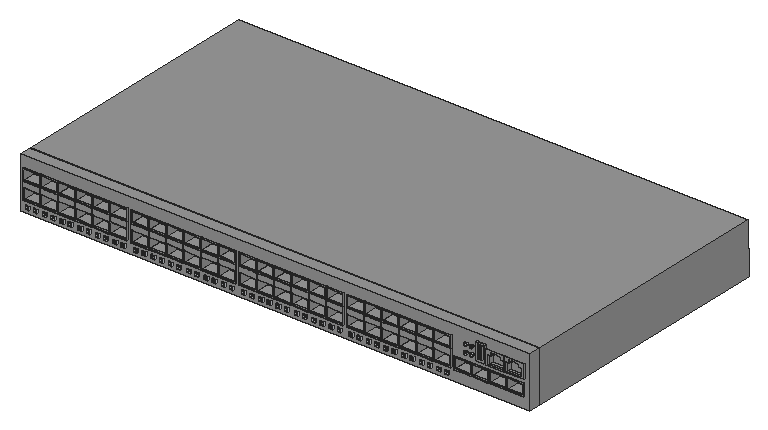
Revit family "19 Inch Switch MS400991M", category Datengeräte, Revit 2023 (continued)
Forms (mm)
  Extrusion 161, void
    from 140.025 to 160.434
  Extrusion 162, solid
    sketch origin (0, 265.556, -232.367) x (1, 0, 0) y (0, 0, 1)
      loop
        circle (177.189, 258.54) r 1.399
      loop
        circle (177.189, 258.54) r 0.999
    from 147.46 to 151.896
  Extrusion 163, solid
    sketch origin (0, 265.556, -225.853) x (1, 0, 0) y (0, 0, 1)
      loop
        circle (177.189, 258.54) r 1.399
      loop
        circle (177.189, 258.54) r 0.999
    from 147.46 to 151.896
  Extrusion 164, solid
    sketch origin (-5, 265.556, -232.367) x (1, 0, 0) y (0, 0, 1)
      loop
        circle (177.189, 258.54) r 1.399
      loop
        circle (177.189, 258.54) r 0.999
    from 147.46 to 151.896
  Extrusion 165, solid
    sketch origin (-5, 265.556, -225.853) x (1, 0, 0) y (0, 0, 1)
      loop
        circle (177.189, 258.54) r 1.399
      loop
        circle (177.189, 258.54) r 0.999
    from 147.46 to 151.896
Cuts and joins
  Extrusion 4, Extrusion 7, Extrusion 9, Extrusion 11, Extrusion 15, Extrusion 17, Extrusion 19, Extrusion 21, Extrusion 23, Extrusion 25, Extrusion 27, Extrusion 29, Extrusion 31, Extrusion 33, Extrusion 35, Extrusion 47, Extrusion 49, Extrusion 53, Extrusion 55, Extrusion 57, Extrusion 59, Extrusion 61, Extrusion 63, Extrusion 65, Extrusion 67, Extrusion 69, Extrusion 71, Extrusion 83, Extrusion 85, Extrusion 89, Extrusion 91, Extrusion 93, Extrusion 95, Extrusion 97, Extrusion 99, Extrusion 101, Extrusion 103, Extrusion 105, Extrusion 107, Extrusion 119, Extrusion 121, Extrusion 125, Extrusion 127, Extrusion 129, Extrusion 131, Extrusion 133, Extrusion 135, Extrusion 137, Extrusion 139, Extrusion 141, Extrusion 143, Extrusion 155, Extrusion 157, Extrusion 159, Extrusion 161 cuts Extrusion 1
  Extrusion 9, Extrusion 11, Extrusion 17, Extrusion 19, Extrusion 21, Extrusion 23, Extrusion 25, Extrusion 27, Extrusion 29, Extrusion 31, Extrusion 33, Extrusion 35, Extrusion 47, Extrusion 49, Extrusion 53, Extrusion 55, Extrusion 57, Extrusion 59, Extrusion 61, Extrusion 63, Extrusion 65, Extrusion 67, Extrusion 69, Extrusion 71, Extrusion 83, Extrusion 85, Extrusion 89, Extrusion 91, Extrusion 93, Extrusion 95, Extrusion 97, Extrusion 99, Extrusion 101, Extrusion 103, Extrusion 105, Extrusion 107, Extrusion 119, Extrusion 121, Extrusion 125, Extrusion 127, Extrusion 129, Extrusion 131, Extrusion 133, Extrusion 135, Extrusion 137, Extrusion 139, Extrusion 141, Extrusion 143, Extrusion 155, Extrusion 157, Extrusion 159, Extrusion 161 cuts Extrusion 5
Dimensions and locks
  aligned and locked: cut or joined group of Extrusion 1, Extrusion 4, Extrusion 7, Extrusion 9, Extrusion 11, Extrusion 15, Extrusion 17, Extrusion 19, Extrusion 21, Extrusion 23, Extrusion 25, Extrusion 27, Extrusion 29, Extrusion 31, Extrusion 33, Extrusion 35, Extrusion 47, Extrusion 49, Extrusion 53, Extrusion 55, Extrusion 57, Extrusion 59, Extrusion 61, Extrusion 63, Extrusion 65, Extrusion 67, Extrusion 69, Extrusion 71, Extrusion 83, Extrusion 85, Extrusion 89, Extrusion 91, Extrusion 93, Extrusion 95, Extrusion 97, Extrusion 99, Extrusion 101, Extrusion 103, Extrusion 105, Extrusion 107, Extrusion 119, Extrusion 121, Extrusion 125, Extrusion 127, Extrusion 129, Extrusion 131, Extrusion 133, Extrusion 135, Extrusion 137, Extrusion 139, Extrusion 141, Extrusion 143, Extrusion 155, Extrusion 157, Extrusion 159, Extrusion 161 to Extrusion 5 sketch curve
  aligned and locked: Extrusion 1 to cut or joined group of Extrusion 5, Extrusion 9, Extrusion 11, Extrusion 17, Extrusion 19, Extrusion 21, Extrusion 23, Extrusion 25, Extrusion 27, Extrusion 29, Extrusion 31, Extrusion 33, Extrusion 35, Extrusion 47, Extrusion 49, Extrusion 53, Extrusion 55, Extrusion 57, Extrusion 59, Extrusion 61, Extrusion 63, Extrusion 65, Extrusion 67, Extrusion 69, Extrusion 71, Extrusion 83, Extrusion 85, Extrusion 89, Extrusion 91, Extrusion 93, Extrusion 95, Extrusion 97, Extrusion 99, Extrusion 101, Extrusion 103, Extrusion 105, Extrusion 107, Extrusion 119, Extrusion 121, Extrusion 125, Extrusion 127, Extrusion 129, Extrusion 131, Extrusion 133, Extrusion 135, Extrusion 137, Extrusion 139, Extrusion 141, Extrusion 143, Extrusion 155, Extrusion 157, Extrusion 159, Extrusion 161
